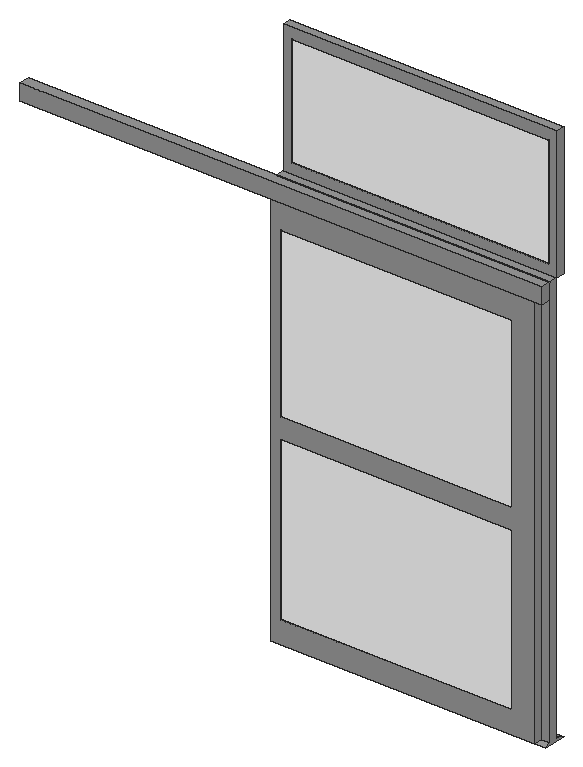
Revit family "STARC-REALWALL-SLIDING DOOR", category Specialty Equipment, Revit 2014
Parameters (values of type "S3-SD-54")
  Width = 4' - 6"
  URL = "https://starcsystems.com/products/realwall-doors/"
  Type Comments = "STARC SYSTEMS REALWALL 54 INCH SLIDING DOOR"
  Track Length = (Width * 2) - 0' 5"  # 8' - 7"
  Outswing Door [instance] = not(Inswing Door)  # no
  Model = "S3-SD-54"
  Manufacturer = "STARC SYSTEMS, INC."  # constant formula
  Keynote = ""
  Inswing Door [instance] = yes
  ICRA CLASS = "IV"  # constant formula
  Door Width = Width - 0' 3 19/128"  # 4' - 2 109/128"
  Description = "STARC SYSTEMS, INC REALWALL TEMPORARY CONTAINMENT SYSTEM SLIDING DOOR"  # constant formula
  Copyright = "Copyright 2020 STARC Systems, Inc."  # constant formula
  Ceiling Height = 9' - 0"
  Height = if(Ceiling Height > 10' 3", 10' 3", (if(Ceiling Height < 6' 10", 6' 10", Ceiling Height)))  # 9' - 0"
  Extensions.Group [instance] = ""
  Assembly Code = "F1030900"
  ASTM Standard = "E-84 CLASS A"  # constant formula
Types (3): name | Width | Type Comments | Track Length | Model | Door Width
  (no name) | 4' - 6" | "STARC SYSTEMS REALWALL 54 INCH SLIDING DOOR" | 8' - 7" | "S3-SD-54" | 4' - 2 109/128"
  S3-SD-42 | 3' - 6" | "STARC SYSTEMS REALWALL 42 INCH SLIDING DOOR" | 6' - 7" | "S3-SD-42" | 3' - 2 109/128"
  S3-SD-54 | 4' - 6" | "STARC SYSTEMS REALWALL 54 INCH SLIDING DOOR" | 8' - 7" | "S3-SD-54" | 4' - 2 109/128"
Reference planes (in)
  plane 1 "Center (Base Panel)": y = 0
  plane 2: z = 0
  plane 3 "Center (Left/Right)": x = 0
  plane 4 "Center (Top Panel)": y = 1.78125
  plane 5 "Base Panel Front": y = -0.79687
  plane 6 "Base Panel Back": y = 0.79688
  plane 7 "Top Panel Fron": y = 0.98438
  plane 8 "Top Panel Back": y = 2.57813
  plane 9 "Left Edge": x = -27
  plane 10 "Right Edge": x = 27
  plane 11 "Ceiling Height": z = 108
  plane 12 "Base Panel Top": z = 82
  plane 13 "Base Top": z = 0.51172
  plane 14 "Interior Left Edge": x = -25.42578
  plane 15 "Interior Right Edge": x = 25.42578
  plane 16: z = 78.85156
  plane 17: z = 81.92188
  plane 18: z = 84
  plane 19: z = 105.92188
  plane 20: y = 2.57813
  plane 21: x = -23.44141
  plane 22: z = 4.92188
  plane 23: z = 36.90234
  plane 24: z = 40.72266
  plane 25: z = 73.95313
  plane 26: x = 21.02734
  plane 27: x = -76
  plane 28 "Door Front": y = -2.57812
  plane 29 "Door Back": y = -0.98437
  plane 30: x = -26.75781
  plane 31: x = -24.78125
Forms (in)
  Extrusion 1, solid, material "STARC-Frame", detail levels medium+fine
    sketch origin (0, 0.79688, 0) x (1, 0, 0) y (0, 0, 1)
      loop
        line (-25.42578, 0.51172) -> (-25.42578, 78.85156) -> (25.42578, 78.85156) -> (25.42578, 0.51172) -> (27, 0.51172) -> (27, 82) -> (-27, 82) -> (-27, 0.51172) -> (-25.42578, 0.51172)
    from 0 to 1.59375
  Extrusion 2, solid, material "STARC-Frame", detail levels medium+fine
    sketch origin (0, 2.57813, 0) x (1, 0, 0) y (0, 0, 1)
      loop
        line (-27, 108) -> (-27, 81.92188) -> (27, 81.92188) -> (27, 108) -> (-27, 108)
      loop
        line (-25.42578, 105.92188) -> (-25.42578, 84) -> (25.42578, 84) -> (25.42578, 105.92188) -> (-25.42578, 105.92188)
    from 0 to 1.59375
  Extrusion 3, solid, material "STARC-Frame", detail levels medium+fine
    sketch origin (0, -0.98437, 0) x (1, 0, 0) y (0, 0, 1)
      loop
        line (-26.75781, 78.85156) -> (-26.75781, 0.51172) -> (25.42578, 0.51172) -> (25.42578, 78.85156) -> (-26.75781, 78.85156)
      loop
        line (-24.78125, 36.90234) -> (-24.78125, 4.92188) -> (21.02734, 4.92188) -> (21.02734, 36.90234) -> (-24.78125, 36.90234)
      loop
        line (-24.78125, 73.95313) -> (-24.78125, 40.72266) -> (21.02734, 40.72266) -> (21.02734, 73.95313) -> (-24.78125, 73.95313)
    from 0 to 1.59375
  Extrusion 4, solid, material "STARC-Panel", detail levels medium+fine
    sketch origin (0, 2.57813, 0) x (1, 0, 0) y (0, 0, 1)
      loop
        line (-25.42578, 105.92188) -> (-25.42578, 84) -> (25.42578, 84) -> (25.42578, 105.92188) -> (-25.42578, 105.92188)
    from 0.125 to 1.5
  Extrusion 5, solid, material "STARC-Frame", detail levels medium+fine
    sketch origin (0, 0, 0) x (0, 1, 0) y (0, 0, 1)
      loop
        line (-1.72004, 0) -> (2.57812, 0) -> (1.65496, 0.51172) -> (-0.79687, 0.51172) -> (-1.72004, 0)
    from -27 to 27
  Extrusion 6, solid, material "STARC-Panel", detail levels medium+fine
    sketch origin (0, -0.98437, 0) x (1, 0, 0) y (0, 0, 1)
      loop
        line (-24.78125, 73.95313) -> (-24.78125, 40.72266) -> (21.02734, 40.72266) -> (21.02734, 73.95313) -> (-24.78125, 73.95313)
      loop
        line (-24.78125, 36.90234) -> (-24.78125, 4.92188) -> (21.02734, 4.92188) -> (21.02734, 36.90234) -> (-24.78125, 36.90234)
    from 0.125 to 1.5
  Extrusion 7, solid, material "STARC-Frame"
    sketch origin (0, -0.79687, 0) x (1, 0, 0) y (0, 0, 1)
      loop
        line (-76, 78.85156) -> (27, 78.85156) -> (27, 82) -> (-76, 82) -> (-76, 78.85156)
    from 0 to 2
Cuts and joins
  joined: Extrusion 1, Extrusion 5
Lines and regions (in)
  symbolic lines, detail levels coarse
    curve 1: line (-27, 0.79688, 0) -> (27, 0.79688, 0)
    curve 2: line (-27, -0.79687, 0) -> (-27, 0.79688, 0)
    curve 3: line (27, -0.79687, 0) -> (-27, -0.79687, 0)
    curve 4: line (27, 0.79688, 0) -> (27, -0.79687, 0)
  symbolic lines, style "STARC Panel Above", detail levels coarse
    curve 5: line (-27, 0.79688, 0) -> (-27, 2.57813, 0)
    curve 6: line (-27, 2.57813, 0) -> (27, 2.57813, 0)
    curve 7: line (27, 2.57813, 0) -> (27, 0.79688, 0)
  symbolic lines
    curve 8: line (-17.85054, -5.54613, 0) -> (-33.00102, -5.54613, 0)
    curve 9: line (-33.00102, -5.54613, 0) -> (-30.2821, -4.27827, 0)
    curve 10: line (-33.00102, -5.54613, 0) -> (-30.2821, -6.81398, 0)
Dimensions and locks (in)
  plane 7 "Top Panel Fron" to plane 4 "Center (Top Panel)" to plane 8 "Top Panel Back" = 0' - 0 51/64" locked, 0' - 0 51/64" locked
  plane 5 "Base Panel Front" to plane 1 "Center (Base Panel)" to plane 6 "Base Panel Back" = 0' - 0 51/64" locked, 0' - 0 51/64" locked
  locked: plane 1 "Center (Base Panel)" to plane 4 "Center (Top Panel)" at 1.78125
  equal spacing: plane 9 "Left Edge", plane 3 "Center (Left/Right)", plane 10 "Right Edge"
  "Width": plane 9 "Left Edge" to plane 10 "Right Edge"
  "Height": plane 11 "Ceiling Height" to level
  locked: plane 12 "Base Panel Top" to level at 82
  plane 13 "Base Top" to level = 0' - 0 131/256"
  locked: plane 14 "Interior Left Edge" to plane 9 "Left Edge" at 1.57422
  locked: plane 15 "Interior Right Edge" to plane 10 "Right Edge" at 1.57422
  locked: plane 11 "Ceiling Height" to plane 19 at 2.07812
  locked: plane 18 to plane 17 at 2.07812
  locked: plane 20 to plane 5 "Base Panel Front" at 3.375
  locked: plane 12 "Base Panel Top" to plane 16 at 3.14844
  locked: plane 18 to level at 84
  locked: plane 22 to plane 13 "Base Top" at 4.41016
  locked: plane 23 to plane 22 at 31.98047
  locked: plane 24 to plane 23 at 3.82031
  locked: plane 25 to plane 24 at 33.23047
  locked: plane 21 to plane 14 "Interior Left Edge" at 1.98437
  locked: plane 26 to plane 15 "Interior Right Edge" at 4.39844
  "Track Length": plane 27 to plane 10 "Right Edge"
  plane 28 "Door Front" to plane 29 "Door Back" = 0' - 1 19/32"
  locked: plane 30 to plane 9 "Left Edge" at 0.24219
  locked: plane 31 to plane 30 at 1.97656
  locked: plane 14 "Interior Left Edge" to curve 8 at 7.57524
  locked: curve 10 to curve 9 at 3
  locked: curve 10 to curve 10 at 3
  locked: curve 10 to plane 14 "Interior Left Edge" at 7.57524
  aligned and locked: level to plane 2
  aligned and locked: plane 9 "Left Edge" to Extrusion 1 sketch curve
  aligned and locked: Extrusion 1 sketch curve to plane 12 "Base Panel Top"
  aligned and locked: plane 10 "Right Edge" to Extrusion 1 sketch curve
  aligned and locked: Extrusion 1 sketch curve to plane 15 "Interior Right Edge"
  aligned and locked: plane 13 "Base Top" to Extrusion 1 sketch curve  (x2)
  aligned and locked: Extrusion 1 sketch curve to plane 14 "Interior Left Edge"
  aligned and locked: plane 5 "Base Panel Front" to Extrusion 1
  aligned and locked: plane 16 to Extrusion 1 sketch curve
  aligned and locked: Extrusion 2 sketch curve to plane 11 "Ceiling Height"
  aligned and locked: plane 17 to Extrusion 2 sketch curve
  aligned and locked: plane 9 "Left Edge" to Extrusion 2 sketch curve
  aligned and locked: plane 14 "Interior Left Edge" to Extrusion 2 sketch curve
  aligned and locked: plane 18 to Extrusion 2 sketch curve
  aligned and locked: plane 15 "Interior Right Edge" to Extrusion 2 sketch curve
  aligned and locked: plane 10 "Right Edge" to Extrusion 2 sketch curve
  aligned and locked: Extrusion 2 sketch curve to plane 19
  aligned and locked: plane 7 "Top Panel Fron" to Extrusion 2
  aligned and locked: plane 13 "Base Top" to Extrusion 3 sketch curve
  aligned and locked: plane 15 "Interior Right Edge" to Extrusion 3 sketch curve
  aligned and locked: Extrusion 3 sketch curve to plane 16
  aligned and locked: plane 18 to Extrusion 4 sketch curve
  aligned and locked: Extrusion 4 sketch curve to plane 19
  aligned and locked: plane 15 "Interior Right Edge" to Extrusion 4 sketch curve
  aligned and locked: plane 14 "Interior Left Edge" to Extrusion 4 sketch curve
  aligned and locked: Extrusion 5 sketch curve to plane 13 "Base Top"
  aligned and locked: level to Extrusion 5 sketch curve
  aligned and locked: Extrusion 5 to plane 10 "Right Edge"
  aligned and locked: Extrusion 5 to plane 9 "Left Edge"
  aligned and locked: curve 3 to plane 5 "Base Panel Front"
  aligned and locked: plane 10 "Right Edge" to curve 4
  aligned and locked: plane 6 "Base Panel Back" to curve 1
  aligned and locked: plane 9 "Left Edge" to curve 2
  aligned and locked: plane 6 "Base Panel Back" to curve 7
  aligned and locked: plane 10 "Right Edge" to curve 7
  aligned and locked: plane 20 to curve 6
  aligned and locked: plane 9 "Left Edge" to curve 5
  aligned and locked: Extrusion 3 sketch curve to plane 25
  aligned and locked: Extrusion 3 sketch curve to plane 26  (x2)
  aligned and locked: Extrusion 3 sketch curve to plane 24
  aligned and locked: Extrusion 3 sketch curve to plane 23
  aligned and locked: Extrusion 3 sketch curve to plane 22
  aligned and locked: Extrusion 6 sketch curve to plane 25
  aligned and locked: Extrusion 6 sketch curve to plane 26  (x2)
  aligned and locked: Extrusion 6 sketch curve to plane 24
  aligned and locked: Extrusion 6 sketch curve to plane 23
  aligned and locked: Extrusion 6 sketch curve to plane 22
  aligned and locked: plane 28 "Door Front" to Extrusion 3
  aligned and locked: plane 30 to Extrusion 3 sketch curve
  aligned and locked: plane 31 to Extrusion 3 sketch curve  (x2)
  aligned and locked: plane 31 to Extrusion 6 sketch curve  (x2)
  aligned and locked: Extrusion 7 sketch curve to plane 10 "Right Edge"
  aligned and locked: Extrusion 7 sketch curve to plane 16
  aligned and locked: plane 12 "Base Panel Top" to Extrusion 7 sketch curve
  aligned and locked: Extrusion 7 sketch curve to plane 27
Automatic sketch dimensions
  curve 9 to curve 10 = 0' - 0"
  curve 10 to curve 8 = 0' - 1.26785"
  plane 28 "Door Front" to curve 9 = 0' - 1.70015"
  Extrusion 5 sketch curve to plane 5 "Base Panel Front" = 0' - 0"
  Extrusion 5 sketch curve to plane 8 "Top Panel Back" = 0' - 0"
  plane 29 "Door Back" to Extrusion 5 sketch curve = 0' - 0.73567"
  plane 4 "Center (Top Panel)" to Extrusion 5 sketch curve = 0' - 0.12629"
